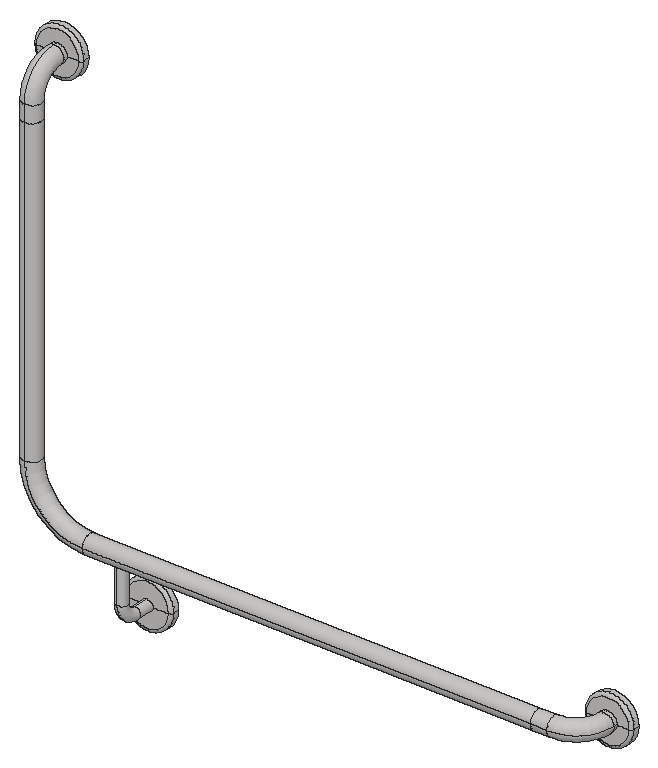
Revit family "rba-bim-rba4090-911", category Plumbing Fixtures, Revit 2016
Family settings
  Part Type = Normal
  Round Connector Dimension = Use Diameter
  Work Plane-Based = No
  Always vertical = Yes
  Cut with Voids When Loaded = No
  Shared = No
  Room Calculation Point = No
Parameters (values of type "RBA4090-911")
  Watermarked By = "www.rba.com.au"
  URL = "http://www.rba.com.au/accessible-disabled/grab-rails"
  R_Void [instance] = 15.00 mm
  R [instance] = 0.00 mm
  Phone Number = "1300 788 778"
  Modified Issue = "20180918.01"
  Model = "RBA4090-911"
  Materials and Finishes = Stainless Steel, Satin Finish
  Manufacturer Model = "B819435"
  Manufacturer = "RBA Group"
  Description = "90° Angled Grab Rail"
  Copyrighted by = "RBA Group"  # constant formula
  Assembly Code = ""
Reference planes
  plane 1 "Center (Front/Back)": y = 0
  plane 2: z = 0
  plane 3: x = 40.5
  plane 4: z = 670
  plane 5: z = 730
  plane 6: x = -879.5
  plane 7: x = -939.5
  plane 8: z = 700
  plane 9: z = -100
  plane 10: x = 40.5
  plane 11: z = 670
  plane 12: z = 730
  plane 13: x = -939.5
  plane 14: x = -879.5
  plane 15: z = -130
  plane 16: z = -70
  plane 17: x = -784.5
  plane 18: x = -724.5
  plane 19: z = -100
  plane 20: x = -909.5
  plane 21: x = -754.5
  plane 22: z = 700
  plane 23: z = -30
  plane 24: z = 30
  plane 25: x = 70.5
  plane 26: x = 10.5
  plane 27: z = -30
  plane 28: z = 30
  plane 29: x = 10.5
  plane 30: x = 70.5
  plane 31: x = -925.5
  plane 32: x = -893.5
  plane 33: z = 16
  plane 34: z = -16
  plane 35: y = -70
  plane 36: y = -86
  plane 37: y = -54
  plane 38: y = -79.5
  plane 39: y = -60.5
Forms (mm)
  Extrusion 1, solid, material "Rail Steel"
    sketch origin (-909.5, -2.628, 1015.907) x (0, 0, -1) y (-1, 0, 0)
      loop
        circle (315.907, 0) r 40
    from -0.219 to 2.628
  Revolve 2, solid, material "Rail Steel"
    sketch origin (40.5, 18.663, 0) x (0, -1, 0) y (1, 0, 0)
      loop
        line (18.663, 0) -> (18.663, -41.5) -> (27.844, -41.5)
        arc (27.844, -41.5) -> (31.337, -40.077) -> (32.842, -36.617) r 5
        line (32.842, -36.617) -> (33.701, 0) -> (18.663, 0)
      axis (18.663, 0) -> (33.701, 0)
    angle from 0 to 360
  Extrusion 3, void
    sketch origin (-909.5, 34.941, 1015.907) x (0, 0, -1) y (-1, 0, 0)
      loop
        circle (315.907, -30) r 5
      loop
        circle (315.907, 30) r 5
    from -37.788 to -30
  Extrusion 4, solid, material "Rail Steel"
    sketch origin (-909.5, -2.628, 1015.907) x (0, 0, -1) y (-1, 0, 0)
      loop
        circle (315.907, 0) r 40
    from -0.219 to 2.628
  Extrusion 5, void
    sketch origin (-909.5, 34.941, 1015.907) x (0, 0, -1) y (-1, 0, 0)
      loop
        circle (315.907, 30) r 5
      loop
        circle (315.907, -30) r 5
    from -37.788 to -30
  Sweep 6, solid, material "Rail Steel"
    path origin (40.5, 12.454, 0) x (0, -1, 0) y (1, 0, 0)
      loop
        line (12.454, 0) -> (34.454, 0)
        arc (34.454, 0) -> (68.395, -14.059) -> (82.454, -48) r 48
        line (82.454, -48) -> (82.454, -76)
    profile origin (40.5, -11, 0) x (1, 0, 0) y (0, 0, 1)
      loop
        circle (0, 0) r 16
  Extrusion 7, solid, material "Rail Steel"
    sketch origin (-909.5, -2.628, 1015.907) x (0, 0, -1) y (-1, 0, 0)
      loop
        circle (315.907, 0) r 40
    from -0.219 to 2.628
  Sweep 8, solid, material "Rail Steel"
    path origin (-1609.5, 12.454, 700) x (0, -1, 0) y (0, 0, -1)
      loop
        line (12.454, 0) -> (34.454, 0)
        arc (34.454, 0) -> (68.395, 14.059) -> (82.454, 48) r 48
        line (82.454, 48) -> (82.454, 76)
    profile origin (-1609.5, -11, 700) x (0, 0, -1) y (1, 0, 0)
      loop
        circle (0, 700) r 16
  Revolve 9, solid, material "Rail Steel"
    sketch origin (-909.5, 18.663, 700) x (0, -1, 0) y (1, 0, 0)
      loop
        line (18.663, 0) -> (18.663, -41.5) -> (27.844, -41.5)
        arc (27.844, -41.5) -> (31.337, -40.077) -> (32.842, -36.617) r 5
        line (32.842, -36.617) -> (33.701, 0) -> (18.663, 0)
      axis (18.663, 0) -> (33.701, 0)
    angle from 0 to 360
  Sweep 10, solid, material "Rail Steel"
    path origin (81, 0, 0) x (-1, 0, 0) y (0, 0, 1)
      loop
        line (116.5, 0) -> (890.5, 0)
        arc (890.5, 0) -> (961.211, 29.289) -> (990.5, 100) r 100
        line (990.5, 100) -> (990.5, 624)
    profile origin (-422.5, 0, 0) x (0, 0, -1) y (0, -1, 0)
      loop
        circle (0, 70) r 16
  Extrusion 11, solid, material "Rail Steel"
    sketch origin (-754.5, -2.628, 215.907) x (0, 0, -1) y (-1, 0, 0)
      loop
        circle (315.907, 0) r 40
    from -0.219 to 2.628
  Revolve 12, solid, material "Rail Steel"
    sketch origin (-754.5, 18.663, -100) x (0, -1, 0) y (1, 0, 0)
      loop
        line (18.663, 0) -> (33.701, 0) -> (32.842, 36.617)
        arc (32.842, 36.617) -> (31.337, 40.077) -> (27.844, 41.5) r 5
        line (27.844, 41.5) -> (18.663, 41.5) -> (18.663, 0)
      axis (18.663, 0) -> (33.701, 0)
    angle from 0 to 360
  Sweep 13, solid, material "Rail Steel"
    path origin (-754.5, 12.454, -100) x (0, -1, 0) y (0, 0, 1)
      loop
        line (12.454, 0) -> (54.454, 0)
        arc (54.454, 0) -> (74.253, 8.201) -> (82.454, 28) r 28
        line (82.454, 28) -> (82.454, 100)
    profile origin (-754.5, -21, -100) x (0, 0, 1) y (-1, 0, 0)
      loop
        circle (0, 0) r 9.5
  Extrusion 14, void
    sketch origin (-754.5, 34.941, 215.907) x (0, 0, -1) y (-1, 0, 0)
      loop
        circle (315.907, 30) r 5
      loop
        circle (315.907, -30) r 5
    from -37.788 to -30
  Extrusion 15, solid, material "Rail Steel"
    sketch origin (40.5, -2.628, 315.907) x (0, 0, -1) y (-1, 0, 0)
      loop
        circle (315.907, 0) r 40
    from -0.219 to 2.628
  Extrusion 16, void
    sketch origin (40.5, 34.941, 315.907) x (0, 0, -1) y (-1, 0, 0)
      loop
        circle (315.907, -30) r 5
      loop
        circle (315.907, 30) r 5
    from -37.788 to -34.941
  Extrusion 17, solid, material "Rail Steel"
    sketch origin (40.5, -2.628, 315.907) x (0, 0, -1) y (-1, 0, 0)
      loop
        circle (315.907, 0) r 40
    from -0.219 to 2.628
  Extrusion 18, void
    sketch origin (40.5, 34.941, 315.907) x (0, 0, -1) y (-1, 0, 0)
      loop
        circle (315.907, 30) r 5
      loop
        circle (315.907, -30) r 5
    from -37.788 to -34.941
  Extrusion 19, solid, material "Rail Steel"
    sketch origin (40.5, -2.628, 315.907) x (0, 0, -1) y (-1, 0, 0)
      loop
        circle (315.907, 0) r 40
    from -0.219 to 2.628
Cuts and joins
  Extrusion 3, Extrusion 5, Extrusion 16, Extrusion 18 cuts Extrusion 1
  Extrusion 5, Extrusion 16, Extrusion 18 cuts Extrusion 4
  Extrusion 3, Extrusion 5, Extrusion 18 cuts Revolve 2
  Extrusion 5, Extrusion 16 cuts Revolve 9
  Extrusion 14 cuts Revolve 12
  joined: Revolve 2, Sweep 6, Sweep 8, Revolve 9, Sweep 10, Revolve 12, Sweep 13
  Extrusion 14 cuts Extrusion 11
  Extrusion 5, Extrusion 16 cuts Extrusion 7
  Extrusion 16 cuts Extrusion 15
  Extrusion 16 cuts Extrusion 17
  Extrusion 16, Extrusion 18 cuts Extrusion 19
Dimensions and locks
  Revolve 2 sketch curve to Revolve 2 sketch curve = 41.50 mm
  plane 5 to plane 4 to level = 60.00 mm, 670.00 mm
  plane 7 to plane 6 = 60.00 mm
  plane 12 to plane 11 = 60.00 mm
  plane 13 to plane 14 = 60.00 mm
  Revolve 9 sketch curve to Revolve 9 sketch curve = 41.50 mm
  Revolve 12 sketch curve to Revolve 12 sketch curve = 41.50 mm
  plane 16 to plane 15 = 60.00 mm
  plane 17 to plane 18 = 60.00 mm
  plane 22 to plane 2 = 700.00 mm
  plane 10 to plane 20 = 950.00 mm
  plane 21 to plane 20 = 155.00 mm
  plane 2 to plane 19 = 100.00 mm
  plane 24 to plane 23 = 60.00 mm
  plane 26 to plane 25 = 60.00 mm
  plane 28 to plane 27 = 60.00 mm
  plane 29 to plane 30 = 60.00 mm
  radius of Extrusion 1 sketch curve = 40.00 mm
  radius of Extrusion 4 sketch curve = 40.00 mm
  radius of Sweep 6 sketch curve = 16.00 mm
  radius of Extrusion 7 sketch curve = 40.00 mm
  radius of Sweep 8 sketch curve = 16.00 mm
  radius of Extrusion 11 sketch curve = 40.00 mm
  radius of Sweep 13 sketch curve = 9.50 mm
  radius of Extrusion 15 sketch curve = 40.00 mm
  radius of Extrusion 17 sketch curve = 40.00 mm
  radius of Extrusion 19 sketch curve = 40.00 mm
  aligned and locked: Extrusion 1 to Revolve 2
  aligned and locked: Revolve 12 to Extrusion 11
